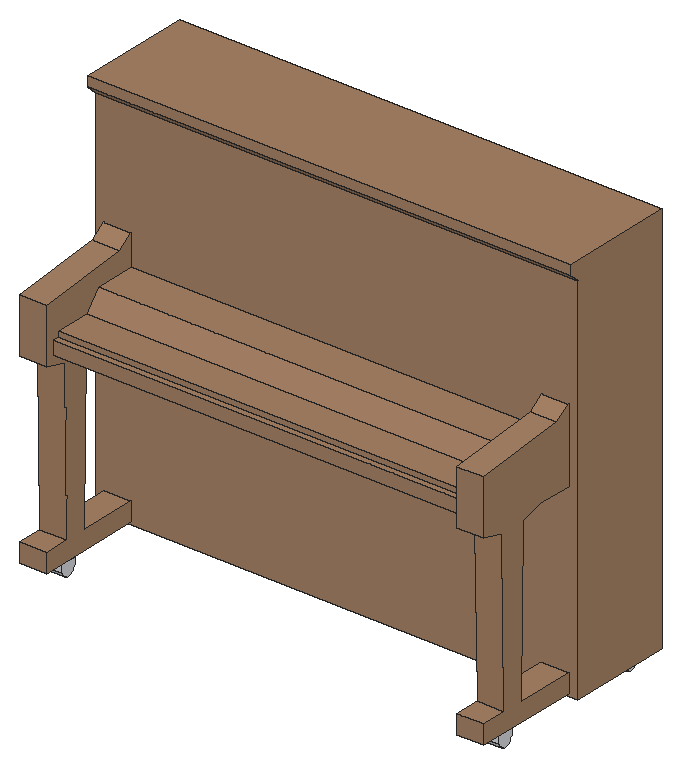
Revit family
Parameters (values of type "1370 x 600 x 1170mm")
  Keynote = "N"
  Assembly Code = ""
  Depth = 600 mm
  Height = 1170 mm
  Length = 1371.6 mm
Types (3, lengths in mm): name | Depth | Height
  (no name) | 600 | 1170
  1370 x 600 x 1170mm | 600 | 1170
  1520 x 660 x 1320mm | 660 | 1320
Reference planes
  plane 1 "Center F/B": y = 0
  plane 2: z = 0
  plane 3 "Center L/R": x = -222.616
  plane 4: y = -600
  plane 5: x = -908.416
  plane 6: x = 463.184
  plane 7: y = -300
  plane 8: z = 1170
  plane 9: x = -883.016
  plane 10: x = 437.784
  plane 11: x = -806.816
  plane 12: x = 361.584
  plane 13: y = -498.586
  plane 14: y = -508.186
  plane 15: y = -50.8
  plane 16: y = -508.186
  plane 17: y = -50.8
  plane 18: y = -498.4
Forms (mm)
  Extrusion 1, solid, material "Wood - Mahogany"
    sketch origin (-222.616, 0, 0) x (0, 1, 0) y (0, 0, 1)
      loop
        line (0, 50.8) -> (0, 1170) -> (-325.023, 1170) -> (-325.023, 1143.136) -> (-300, 1118.113) -> (-300, 50.8) -> (0, 50.8)
    from -685.8 to 685.8
  Extrusion 2, solid, material "Wood - Mahogany"
    sketch origin (463.184, 0, 0) x (0, 1, 0) y (0, 0, 1)
      loop
        line (-300, 795.733) -> (-339.806, 767.593) -> (-600, 742.187) -> (-600, 586.046) -> (-536.388, 569.002) -> (-528.414, 112.144) -> (-600, 112.144) -> (-600, 58.423) -> (-300, 58.423) -> (-300, 112.144) -> (-468.758, 112.144) -> (-460.783, 569.002) -> (-397.171, 586.046) -> (-300, 586.046) -> (-300, 795.733)
    from -1346.2 to -1270
  Extrusion 3, solid, material "Wood - Mahogany"
    sketch origin (2157, 0, 0) x (0, 1, 0) y (0, 0, 1)
      loop
        line (-300, 795.733) -> (-339.806, 767.593) -> (-600, 742.187) -> (-600, 586.046) -> (-536.388, 569.002) -> (-528.414, 112.144) -> (-600, 112.144) -> (-600, 58.423) -> (-300, 58.423) -> (-300, 112.144) -> (-468.758, 112.144) -> (-460.783, 569.002) -> (-397.171, 586.046) -> (-300, 586.046) -> (-300, 795.733)
    from -1795.416 to -1719.216
  Extrusion 4, solid, material "Wood - Mahogany"
    sketch origin (437.784, 0, 0) x (0, 1, 0) y (0, 0, 1)
      loop
        line (-577.031, 607.329) -> (-300, 607.329) -> (-300, 709.637) -> (-417.175, 709.637) -> (-458.749, 660.091) -> (-561.045, 660.091) -> (-561.045, 645.695) -> (-577.031, 645.695) -> (-577.031, 607.329)
    from -1244.6 to -76.2
  Extrusion 5, solid
    sketch origin (437.784, 0, 0) x (0, 1, 0) y (0, 0, 1)
      loop
        line (-498.586, 58.423) -> (-508.039, 58.423) -> (-508.039, 38.279) -> (-521.146, 38.279) -> (-521.146, 19.14) -> (-517.725, 19.14)
        arc (-517.725, 19.14) -> (-498.586, 0) -> (-479.446, 19.14) r 19.14
        line (-479.446, 19.14) -> (-476.026, 19.14) -> (-476.026, 38.279) -> (-489.227, 38.279) -> (-489.227, 58.423) -> (-498.586, 58.423)
    from -59.654 to -21.554
  Extrusion 6, solid
    sketch origin (736.6, 0, 113.69) x (0, 1, 0) y (0, 0, 1)
      loop
        line (-50.8, -62.89) -> (-60.254, -62.89) -> (-60.254, -75.41) -> (-73.36, -75.41) -> (-73.36, -94.55) -> (-69.94, -94.55)
        arc (-69.94, -94.55) -> (-50.8, -113.69) -> (-31.66, -94.55) r 19.14
        line (-31.66, -94.55) -> (-28.24, -94.55) -> (-28.24, -75.41) -> (-41.441, -75.41) -> (-41.441, -62.89) -> (-50.8, -62.89)
    from -358.469 to -320.369
  Extrusion 7, solid
    sketch origin (-736.6, 0, 113.69) x (0, 1, 0) y (0, 0, -1)
      loop
        line (-50.8, 62.89) -> (-41.441, 62.89) -> (-41.441, 75.41) -> (-28.24, 75.41) -> (-28.24, 94.55) -> (-31.66, 94.55)
        arc (-31.66, 94.55) -> (-50.8, 113.69) -> (-69.94, 94.55) r 19.14
        line (-69.94, 94.55) -> (-73.36, 94.55) -> (-73.36, 75.41) -> (-60.254, 75.41) -> (-60.254, 62.89) -> (-50.8, 62.89)
    from 90.27 to 129.204
  Extrusion 8, solid
    sketch origin (-698.5, 0, 0) x (0, 1, 0) y (0, 0, -1)
      loop
        line (-498.4, -58.423) -> (-489.041, -58.423) -> (-489.041, -38.279) -> (-475.84, -38.279) -> (-475.84, -19.14) -> (-479.26, -19.14)
        arc (-479.26, -19.14) -> (-498.4, 0) -> (-517.54, -19.14) r 19.14
        line (-517.54, -19.14) -> (-520.96, -19.14) -> (-520.96, -38.279) -> (-507.854, -38.279) -> (-507.854, -58.423) -> (-498.4, -58.423)
    from 128.37 to 167.304
Lines and regions (mm)
  Masking region 1
    outline origin (0, 0, 0) x (1, 0, 0) y (0, 1, 0)
      loop
        line (463.184, 0) -> (-908.416, 0) -> (-908.416, -300) -> (-883.016, -300) -> (-883.016, -600) -> (-806.816, -600) -> (-806.816, -577.031) -> (361.584, -577.031) -> (361.584, -600) -> (437.784, -600) -> (437.784, -300) -> (463.184, -300) -> (463.184, 0)
  symbolic lines
    curve 1: line (-908.416, 0, 0) -> (-908.416, -300, 0)
    curve 2: line (-908.416, -300, 0) -> (-883.016, -300, 0)
    curve 3: line (-883.016, -300, 0) -> (-883.016, -600, 0)
    curve 4: line (-883.016, -600, 0) -> (-806.816, -600, 0)
    curve 5: line (-806.816, -600, 0) -> (-806.816, -577.031, 0)
    curve 6: line (-806.816, -577.031, 0) -> (361.584, -577.031, 0)
    curve 7: line (361.584, -577.031, 0) -> (361.584, -600, 0)
    curve 8: line (361.584, -600, 0) -> (437.784, -600, 0)
    curve 9: line (437.784, -600, 0) -> (437.784, -300, 0)
    curve 10: line (437.784, -300, 0) -> (463.184, -300, 0)
    curve 11: line (463.184, -300, 0) -> (463.184, 0, 0)
    curve 12: line (463.184, 0, 0) -> (-908.416, 0, 0)
    curve 13: line (-908.416, -300, 0) -> (463.184, -300, 0)
    curve 14: line (-806.816, -300, 0) -> (-806.816, -577.031, 0)
    curve 15: line (361.584, -300, 0) -> (361.584, -577.031, 0)
    curve 16: line (-806.816, -458.749, 0) -> (361.584, -458.749, 0)
Dimensions and locks
  "Depth": plane 4 to plane 1 "Center F/B"
  equal spacing: plane 4, plane 7, plane 1 "Center F/B"
  "Height": plane 8 to plane 2
  locked: Extrusion 1 sketch curve to plane 2 at 50.8
  locked: Extrusion 2 sketch curve to plane 2 at 58.423
  locked: Extrusion 2 sketch curve to Extrusion 2 sketch curve at 53.721
  locked: Extrusion 2 sketch curve to Extrusion 2 sketch curve at 456.858
  locked: plane 4 to Extrusion 2 sketch curve at 71.586
  locked: plane 4 to Extrusion 2 sketch curve at 131.242
  locked: Extrusion 3 sketch curve to Extrusion 3 sketch curve at 53.721
  locked: Extrusion 3 sketch curve to Extrusion 3 sketch curve at 456.858
  locked: plane 4 to Extrusion 4 sketch curve at 22.969
  locked: Extrusion 4 sketch curve to plane 2 at 607.329
  locked: Extrusion 4 sketch curve to plane 2 at 645.695
  locked: Extrusion 4 sketch curve to plane 2 at 660.091
  locked: Extrusion 4 sketch curve to plane 2 at 709.637
  locked: Extrusion 4 sketch curve to Extrusion 4 sketch curve at 15.986
  locked: Extrusion 4 sketch curve to Extrusion 4 sketch curve at 159.855
  locked: Extrusion 5 sketch curve to plane 13 at 22.56
  plane 13 to Extrusion 5 sketch curve = 22.56 mm
  locked: plane 15 to plane 1 "Center F/B" at 50.8
  locked: plane 4 to plane 13 at 101.414
  locked: plane 18 to plane 4 at 101.6
  plane 11 to plane 9 to plane 5 = 76.2 mm locked, 25.4 mm locked
  plane 6 to plane 10 to plane 12 = 25.4 mm locked, 76.2 mm locked
  equal spacing: plane 5, plane 3 "Center L/R", plane 6
  "Length": plane 5 to plane 6
  plane 12 to Extrusion 5 to Extrusion 5 to plane 10 = 16.546 mm, 38.1 mm, 21.554 mm
  plane 9 to Extrusion 8 to Extrusion 8 to plane 11 = 17.211 mm, 38.935 mm locked, 20.054 mm locked
  aligned and locked: Extrusion 1 sketch curve to plane 7
  aligned and locked: plane 1 "Center F/B" to Extrusion 1 sketch curve
  aligned and locked: plane 4 to Extrusion 2 sketch curve
  aligned and locked: Extrusion 2 sketch curve to plane 7
  aligned and locked: plane 9 to Extrusion 2
  aligned and locked: Extrusion 2 to plane 11
  aligned and locked: Extrusion 2 sketch curve to plane 4
  aligned and locked: plane 7 to Extrusion 2 sketch curve
  aligned and locked: plane 10 to Extrusion 3
  aligned and locked: Extrusion 3 to plane 12
  aligned and locked: Extrusion 3 to plane 7
  aligned and locked: plane 4 to Extrusion 3
  aligned and locked: Extrusion 4 sketch curve to plane 7
  aligned and locked: plane 11 to Extrusion 4
  aligned and locked: Extrusion 4 to plane 12
  aligned and locked: plane 13 to Extrusion 5 sketch curve
  aligned and locked: Extrusion 6 sketch curve to Extrusion 1
  aligned and locked: Extrusion 5 to Extrusion 6  (x2)
  aligned and locked: plane 17 to Extrusion 7 sketch curve
  aligned and locked: curve 12 to plane 1 "Center F/B"
  aligned and locked: plane 9 to curve 3
  aligned and locked: curve 1 to plane 5
  aligned and locked: plane 7 to curve 2
  aligned and locked: curve 5 to plane 11
  aligned and locked: curve 6 to Extrusion 4
  aligned and locked: plane 4 to curve 4
  aligned and locked: plane 12 to curve 7
  aligned and locked: plane 4 to curve 8
  aligned and locked: curve 9 to plane 10
  aligned and locked: plane 7 to curve 10
  aligned and locked: plane 6 to curve 11
  aligned and locked: plane 11 to curve 14
  aligned and locked: plane 12 to curve 15
  aligned and locked: curve 16 to Extrusion 4
  aligned and locked: Extrusion 8 to Extrusion 7
  aligned and locked: plane 8 to Extrusion 1 sketch curve
  aligned and locked: Masking region 1 sketch curve to curve 12
  aligned and locked: Masking region 1 sketch curve to curve 1
  aligned and locked: Masking region 1 sketch curve to curve 13
  aligned and locked: Masking region 1 sketch curve to curve 11
  aligned and locked: Masking region 1 sketch curve to Extrusion 4
  aligned and locked: Masking region 1 sketch curve to Extrusion 2  (x3)
  aligned and locked: Extrusion 3 to Masking region 1 sketch curve
  aligned and locked: Masking region 1 sketch curve to Extrusion 3  (x2)
Automatic sketch dimensions
  Extrusion 2 sketch curve to plane 4 = 63.612 mm
  Extrusion 2 sketch curve to Extrusion 2 sketch curve = 75.605 mm
  Extrusion 2 sketch curve to Extrusion 2 sketch curve = 63.612 mm
  plane 7 to Extrusion 2 sketch curve = 39.806 mm
  Extrusion 2 sketch curve to Extrusion 2 sketch curve = 0 mm  (x2)
  Extrusion 2 sketch curve to Extrusion 2 sketch curve = 17.045 mm  (x2)
  Extrusion 2 sketch curve to Extrusion 2 sketch curve = 156.141 mm
  Extrusion 2 sketch curve to Extrusion 2 sketch curve = 181.547 mm
  Extrusion 2 sketch curve to Extrusion 2 sketch curve = 28.14 mm
  Extrusion 3 sketch curve to Extrusion 3 sketch curve = 75.605 mm
  Extrusion 3 sketch curve to Extrusion 3 sketch curve = 63.612 mm
  Extrusion 3 sketch curve to Extrusion 3 sketch curve = 0 mm  (x2)
  Extrusion 3 sketch curve to Extrusion 3 sketch curve = 17.045 mm  (x2)
  Extrusion 3 sketch curve to Extrusion 3 sketch curve = 156.141 mm
  Extrusion 3 sketch curve to Extrusion 3 sketch curve = 181.547 mm
  Extrusion 3 sketch curve to Extrusion 3 sketch curve = 28.14 mm
  plane 4 to Extrusion 3 sketch curve = 0 mm  (x2)
  plane 7 to Extrusion 3 sketch curve = 0 mm  (x2)
  Extrusion 3 sketch curve to plane 4 = 63.612 mm
  Extrusion 3 sketch curve to Extrusion 3 sketch curve = 71.586 mm
  Extrusion 3 sketch curve to Extrusion 3 sketch curve = 59.656 mm
  plane 7 to Extrusion 3 sketch curve = 39.806 mm
  level to Extrusion 3 sketch curve = 58.423 mm
  Extrusion 4 sketch curve to Extrusion 4 sketch curve = 41.574 mm
  Extrusion 5 sketch curve to plane 13 = 0 mm
  Extrusion 5 sketch curve to Extrusion 5 sketch curve = 3.42 mm
  Extrusion 5 sketch curve to Extrusion 5 sketch curve = 9.454 mm
  Extrusion 5 sketch curve to plane 13 = 9.359 mm
  level to Extrusion 5 sketch curve = 19.14 mm
  Extrusion 5 sketch curve to Extrusion 5 sketch curve = 19.14 mm
  Extrusion 5 sketch curve to Extrusion 5 sketch curve = 0 mm
  Extrusion 5 sketch curve to Extrusion 5 sketch curve = 20.144 mm
  Extrusion 6 sketch curve to plane 15 = 0 mm  (x3)
  plane 15 to Extrusion 6 sketch curve = 9.454 mm
  Extrusion 6 sketch curve to Extrusion 6 sketch curve = 0 mm  (x21)
  plane 15 to Extrusion 6 sketch curve = 19.14 mm
  Extrusion 6 sketch curve to Extrusion 6 sketch curve = 3.42 mm
  Extrusion 6 sketch curve to Extrusion 6 sketch curve = 9.359 mm
  Extrusion 6 sketch curve to Extrusion 6 sketch curve = 13.201 mm
  Extrusion 6 sketch curve to Extrusion 6 sketch curve = 12.521 mm  (x2)
  level to Extrusion 6 sketch curve = 19.14 mm
  Extrusion 7 sketch curve to plane 17 = 0 mm
  plane 17 to Extrusion 7 sketch curve = 9.454 mm
  plane 17 to Extrusion 7 sketch curve = 19.14 mm
  Extrusion 7 sketch curve to Extrusion 7 sketch curve = 3.42 mm
  Extrusion 7 sketch curve to Extrusion 7 sketch curve = 9.359 mm
  Extrusion 7 sketch curve to Extrusion 7 sketch curve = 13.201 mm
  level to Extrusion 7 sketch curve = 19.14 mm
  Extrusion 7 sketch curve to Extrusion 7 sketch curve = 19.14 mm
  Extrusion 7 sketch curve to Extrusion 7 sketch curve = 0 mm
  Extrusion 7 sketch curve to Extrusion 7 sketch curve = 12.521 mm
  Extrusion 8 sketch curve to plane 18 = 0 mm  (x2)
  Extrusion 8 sketch curve to Extrusion 8 sketch curve = 3.42 mm
  Extrusion 8 sketch curve to Extrusion 8 sketch curve = 9.454 mm
  Extrusion 8 sketch curve to plane 18 = 9.359 mm
  level to Extrusion 8 sketch curve = 19.14 mm
  Extrusion 8 sketch curve to Extrusion 8 sketch curve = 19.14 mm  (x2)
  Extrusion 8 sketch curve to Extrusion 8 sketch curve = 0 mm
  Extrusion 8 sketch curve to Extrusion 8 sketch curve = 20.144 mm
  Extrusion 8 sketch curve to Extrusion 8 sketch curve = 13.201 mm
  plane 7 to Extrusion 1 sketch curve = 25.023 mm
  plane 8 to Extrusion 1 sketch curve = 51.887 mm
  Extrusion 1 sketch curve to Extrusion 1 sketch curve = 26.864 mm
  Masking region 1 sketch curve to plane 7 = 0 mm
